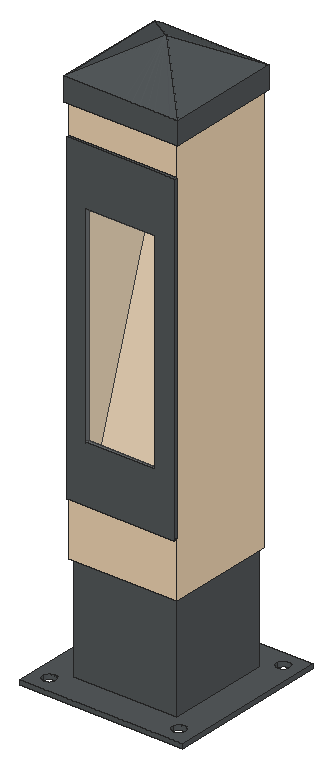
Revit family "Баум", category Осветительные приборы, Revit 2019 (continued)
Types (3, lengths in mm): name | Файл фотометрической сетки | built-in parameter 1150105 | Lumens | built-in parameter 1150106 | built-in parameter 1150142 | Wattage | h_столб низ | h_столб верх | ADSK_Фактическая мощность | ADSK_Размер_Высота | ADSK_Номинальная мощность | ADSK_Наименование | ADSK_Масса_Текст | ADSK_Масса | ADSK_Артикул
    .4 0.4 0.4 0.4\r\n 0.4 0.4 0.4 0.4 0.4 0.4 0.4 0.4 0.4 0.4 0.4 0.4 0.4 0.4 0.4 0.4 0.4 0.4 0.4 0.4 0.4 0.4 0.4 0.4 0.4 0.4 0.4 0.4 0.4 0.4 0.4 0.4\r\n 0.4 0.4 0.4 0.4 0.4 0.4 0.2 0.2 0.2 0.2 0.2 0.2 0.0 0.0 0.0 0.0 0.0 0.0 0.0 0.0 0.0\r\n0.0 0.0 0.0 0.0 0.0 0.0 0.0 0.0 0.4 0.2 0.4 0.4 0.4 0.4 0.4 0.4 0.4 0.4 0.4 0.4 0.4 0.4 0.4 0.4 0.4 0.4 0.4 0.4 0.4 0.4 0.4 0.4\r\n 0.4 0.4 0.4 0.4 0.4 0.4 0.4 0.4 0.4 0.4 0.4 0.4 0.4 0.4 0.4 0.4 0.4 0.4 0.4 0.4 0.4 0.4 0.4 0.4 0.4 0.4 0.4 0.4 0.4 0.4 0.4 0.4\r\n 0.4 0.4 0.4 0.4 0.4 0.4 0.4 0.4 0.4 0.4 0.4 0.4 0.4 0.4 0.4 0.4 0.4 0.4 0.4 0.4 0.4 0.4 0.4 0.4 0.4 0.4 0.4 0.4 0.4 0.4 0.4 0.4\r\n 0.4 0.4 0.4 0.4 0.4 0.4 0.4 0.4 0.4 0.4 0.4 0.4 0.4 0.4 0.4 0.4 0.4 0.4 0.4 0.4 0.4 0.4 0.4 0.4 0.4 0.4 0.4 0.4 0.4 0.4 0.4 0.4\r\n 0.4 0.4 0.4 0.4 0.4 0.4 0.4 0.4 0.4 0.4 0.4 0.4 0.4 0.4 0.4 0.4 0.4 0.4 0.4 0.4 0.4 0.4 0.4 0.4 0.4 0.4 0.4 0.4 0.4 0.4 0.4 0.4\r\n 0.4 0.4 0.4 0.4 0.4 0.4 0.4 0.4 0.2 0.2 0.2 0.2 0.0 0.0 0.0 0.0 0.0 0.0 0.0 0.0 0.0\r\n0.0 0.0 0.0 0.0 0.0 0.0 0.2 0.2 0.4 0.4 0.4 0.4 0.4 0.4 0.4 0.4 0.4 0.4 0.4 0.4 0.4 0.4 0.4 0.4 0.4 0.4 0.4 0.4 0.4 0.4 0.4 0.4\r\n 0.4 0.4 0.4 0.4 0.4 0.4 0.4 0.4 0.4 0.4 0.4 0.4 0.4 0.4 0.4 0.4 0.4 0.4 0.4 0.4 0.4 0.4 0.4 0.4 0.4 0.4 0.4 0.4 0.4 0.4 0.4 0.4\r\n 0.4 0.4 0.4 0.4 0.4 0.4 0.4 0.4 0.4 0.4 0.4 0.4 0.4 0.4 0.4 0.4 0.4 0.4 0.4 0.4 0.4 0.4 0.4 0.4 0.4 0.4 0.4 0.4 0.4 0.4 0.4 0.4\r\n 0.4 0.4 0.4 0.4 0.4 0.4 0.4 0.4 0.4 0.4 0.4 0.4 0.4 0.4 0.4 0.4 0.4 0.4 0.4 0.4 0.4 0.4 0.4 0.4 0.4 0.4 0.4 0.4 0.4 0.4 0.4 0.4\r\n 0.4 0.4 0.4 0.4 0.4 0.4 0.4 0.4 0.4 0.4 0.4 0.4 0.4 0.4 0.4 0.4 0.4 0.4 0.4 0.4 0.4 0.4 0.4 0.4 0.4 0.4 0.4 0.4 0.4 0.4 0.4 0.4\r\n 0.4 0.4 0.4 0.4 0.4 0.4 0.4 0.4 0.2 0.2 0.2 0.2 0.0 0.0 0.0 0.0 0.0 0.0 0.0 0.0 0.0\r\n0.0 0.0 0.0 0.0 0.0 0.0 0.2 0.2 0.4 0.4 0.4 0.4 0.4 0.4 0.4 0.4 0.4 0.4 0.4 0.4 0.4 0.4 0.4 0.4 0.4 0.4 0.4 0.4 0.4 0.4 0.4 0.4\r\n 0.4 0.4 0.4 0.4 0.4 0.4 0.4 0.4 0.4 0.4 0.4 0.4 0.4 0.4 0.4 0.4 0.4 0.4 0.4 0.4 0.4 0.4 0.4 0.4 0.4 0.4 0.4 0.4 0.4 0.4 0.4 0.4\r\n 0.4 0.4 0.4 0.4 0.4 0.4 0.4 0.4 0.4 0.4 0.4 0.4 0.4 0.4 0.4 0.4 0.4 0.4 0.4 0.4 0.4 0.4 0.4 0.4 0.4 0.4 0.4 0.4 0.4 0.4 0.4 0.4\r\n 0.4 0.4 0.4 0.4 0.4 0.4 0.4 0.4 0.4 0.4 0.4 0.4 0.4 0.4 0.4 0.4 0.4 0.4 0.4 0.4 0.4 0.4 0.4 0.4 0.4 0.4 0.4 0.4 0.4 0.4 0.4 0.4\r\n 0.4 0.4 0.4 0.4 0.4 0.4 0.4 0.4 0.4 0.4 0.4 0.4 0.4 0.4 0.4 0.4 0.4 0.4 0.4 0.4 0.4 0.4 0.4 0.4 0.4 0.4 0.4 0.4 0.4 0.4 0.4 0.4\r\n 0.4 0.4 0.4 0.4 0.4 0.4 0.4 0.4 0.2 0.2 0.2 0.2 0.0 0.0 0.0 0.0 0.0 0.0 0.0 0.0 0.0\r\n0.0 0.0 0.0 0.0 0.0 0.0 0.2 0.2 0.4 0.4 0.4 0.4 0.4 0.4 0.4 0.4 0.4 0.4 0.4 0.4 0.4 0.4 0.4 0.4 0.4 0.4 0.4 0.4 0.4 0.4 0.4 0.4\r\n 0.4 0.4 0.4 0.4 0.4 0.4 0.4 0.4 0.4 0.4 0.4 0.4 0.4 0.4 0.4 0.4 0.4 0.4 0.4 0.4 0.4 0.4 0.4 0.4 0.4 0.4 0.4 0.4 0.4 0.4 0.4 0.4\r\n 0.4 0.4 0.4 0.4 0.4 0.4 0.4 0.4 0.4 0.4 0.4 0.4 0.4 0.4 0.4 0.4 0.4 0.4 0.4 0.4 0.4 0.4 0.4 0.4 0.4 0.4 0.4 0.4 0.4 0.4 0.4 0.4\r\n 0.4 0.4 0.4 0.4 0.4 0.4 0.4 0.4 0.4 0.4 0.4 0.4 0.4 0.4 0.4 0.4 0.4 0.4 0.4 0.4 0.4 0.4 0.4 0.4 0.4 0.4 0.4 0.4 0.4 0.4 0.4 0.4\r\n 0.4 0.4 0.4 0.4 0.4 0.4 0.4 0.4 0.4 0.4 0.4 0.4 0.4 0.4 0.4 0.4 0.4 0.4 0.4 0.4 0.4 0.4 0.4 0.4 0.4 0.4 0.4 0.4 0.4 0.4 0.4 0.4\r\n 0.4 0.4 0.4 0.4 0.4 0.4 0.4 0.4 0.2 0.2 0.2 0.2 0.2 0.0 0.0 0.0 0.0 0.0 0.0 0.0 0.0\r\n0.0 0.0 0.0 0.0 0.0 0.2 0.2 0.2 0.4 0.4 0.4 0.4 0.4 0.4 0.4 0.4 0.4 0.4 0.4 0.4 0.4 0.4 0.4 0.4 0.4 0.4 0.4 0.4 0.4 0.4 0.4 0.4\r\n 0.4 0.4 0.4 0.4 0.4 0.4 0.4 0.4 0.4 0.4 0.4 0.4 0.4 0.4 0.4 0.4 0.4 0.4 0.4 0.4 0.4 0.4 0.4 0.4 0.4 0.4 0.4 0.4 0.4 0.4 0.4 0.4\r\n 0.4 0.4 0.4 0.4 0.4 0.4 0.4 0.4 0.4 0.4 0.4 0.4 0.4 0.4 0.4 0.4 0.4 0.4 0.4 0.4 0.4 0.4 0.4 0.4 0.4 0.4 0.4 0.4 0.4 0.4 0.4 0.4\r\n 0.4 0.4 0.4 0.4 0.4 0.4 0.4 0.4 0.4 0.4 0.4 0.4 0.4 0.4 0.4 0.4 0.4 0.4 0.4 0.4 0.4 0.4 0.4 0.4 0.4 0.4 0.4 0.4 0.4 0.4 0.4 0.4\r\n 0.4 0.4 0.4 0.4 0.4 0.4 0.4 0.4 0.4 0.4 0.4 0.4 0.4 0.4 0.4 0.4 0.4 0.4 0.4 0.4 0.4 0.4 0.4 0.4 0.4 0.4 0.4 0.4 0.4 0.4 0.4 0.4\r\n 0.4 0.4 0.4 0.4 0.4 0.4 0.4 0.4 0.2 0.2 0.2 0.2 0.2 0.0 0.0 0.0 0.0 0.0 0.0 0.0 0.0\r\n0.0 0.0 0.0 0.0 0.0 0.2 0.2 0.2 0.4 0.4 0.4 0.4 0.4 0.4 0.4 0.4 0.4 0.4 0.4 0.4 0.4 0.4 0.4 0.4 0.4 0.4 0.4 0.4 0.4 0.4 0.4 0.4\r\n 0.4 0.4 0.4 0.4 0.4 0.4 0.4 0.4 0.4 0.4 0.4 0.4 0.4 0.4 0.4 0.4 0.4 0.4 0.4 0.4 0.4 0.4 0.4 0.4 0.4 0.4 0.4 0.4 0.4 0.4 0.4 0.4\r\n 0.4 0.4 0.4 0.4 0.4 0.4 0.4 0.4 0.4 0.4 0.4 0.4 0.4 0.4 0.4 0.4 0.4 0.4 0.4 0.4 0.4 0.4 0.4 0.4 0.4 0.4 0.4 0.4 0.4 0.4 0.4 0.4\r\n 0.4 0.4 0.4 0.4 0.4 0.4 0.4 0.4 0.4 0.4 0.4 0.4 0.4 0.4 0.4 0.4 0.4 0.4 0.4 0.4 0.4 0.4 0.4 0.4 0.4 0.4 0.4 0.4 0.4 0.4 0.4 0.4\r\n 0.4 0.4 0.4 0.4 0.4 0.4 0.4 0.4 0.4 0.4 0.4 0.4 0.4 0.4 0.4 0.4 0.4 0.4 0.4 0.4 0.4 0.4 0.4 0.4 0.4 0.4 0.4 0.4 0.4 0.4 0.4 0.4\r\n 0.4 0.4 0.4 0.4 0.4 0.4 0.4 0.4 0.2 0.2 0.2 0.2 0.2 0.0 0.0 0.0 0.0 0.0 0.0 0.0 0.0\r\n0.0 0.0 0.0 0.0 0.0 0.2 0.2 0.2 0.4 0.4 0.4 0.4 0.4 0.4 0.4 0.4 0.4 0.4 0.4 0.4 0.4 0.4 0.4 0.4 0.4 0.4 0.4 0.4 0.4 0.4 0.4 0.4\r\n 0.4 0.4 0.4 0.4 0.4 0.4 0.4 0.4 0.4 0.4 0.4 0.4 0.4 0.4 0.4 0.4 0.4 0.4 0.4 0.4 0.4 0.4 0.4 0.4 0.4 0.4 0.4 0.4 0.4 0.4 0.4 0.4\r\n 0.4 0.4 0.4 0.4 0.4 0.4 0.4 0.4 0.4 0.4 0.4 0.4 0.4 0.4 0.4 0.4 0.4 0.4 0.4 0.4 0.4 0.4 0.4 0.4 0.4 0.4 0.4 0.4 0.4 0.4 0.4 0.4\r\n 0.4 0.4 0.4 0.4 0.4 0.4 0.4 0.4 0.4 0.4 0.4 0.4 0.4 0.4 0.4 0.4 0.4 0.4 0.4 0.4 0.4 0.4 0.4 0.4 0.4 0.4 0.4 0.4 0.4 0.4 0.4 0.4\r\n 0.4 0.4 0.4 0.4 0.4 0.4 0.4 0.4 0.4 0.4 0.4 0.4 0.4 0.4 0.4 0.4 0.4 0.4 0.4 0.4 0.4 0.4 0.4 0.4 0.4 0.4 0.4 0.4 0.4 0.4 0.4 0.4\r\n 0.4 0.4 0.4 0.4 0.4 0.4 0.4 0.4 0.2 0.2 0.2 0.2 0.2 0.2 0.0 0.0 0.0 0.0 0.0 0.0 0.0\r\n0.0 0.0 0.0 0.0 0.2 0.2 0.2 0.2 0.4 0.4 0.4 0.4 0.4 0.4 0.4 0.4 0.4 0.4 0.4 0.4 0.4 0.4 0.4 0.4 0.4 0.4 0.4 0.4 0.4 0.4 0.4 0.4\r\n 0.4 0.4 0.4 0.4 0.4 0.4 0.4 0.4 0.4 0.4 0.4 0.4 0.4 0.4 0.4 0.4 0.4 0.4 0.4 0.4 0.4 0.4 0.4 0.4 0.4 0.4 0.4 0.4 0.4 0.4 0.4 0.4\r\n 0.4 0.4 0.4 0.4 0.4 0.4 0.4 0.4 0.4 0.4 0.4 0.4 0.4 0.4 0.4 0.4 0.4 0.4 0.4 0.4 0.4 0.4 0.4 0.4 0.4 0.4 0.4 0.4 0.4 0.4 0.4 0.4\r\n 0.4 0.4 0.4 0.4 0.4 0.4 0.4 0.4 0.4 0.4 0.4 0.4 0.4 0.4 0.4 0.4 0.4 0.4 0.4 0.4 0.4 0.4 0.4 0.4 0.4 0.4 0.4 0.4 0.4 0.4 0.4 0.4\r\n 0.4 0.4 0.4 0.4 0.4 0.4 0.4 0.4 0.4 0.4 0.4 0.4 0.4 0.4 0.4 0.4 0.4 0.4 0.4 0.4 0.4 0.4 0.4 0.4 0.4 0.4 0.4 0.4 0.4 0.4 0.4 0.4\r\n 0.4 0.4 0.4 0.4 0.4 0.4 0.4 0.4 0.2 0.2 0.2 0.2 0.2 0.2 0.0 0.0 0.0 0.0 0.0 0.0 0.0\r\n0.0 0.0 0.0 0.0 0.2 0.2 0.2 0.2 0.4 0.4 0.4 0.4 0.4 0.4 0.4 0.4 0.4 0.4 0.4 0.4 0.4 0.4 0.4 0.4 0.4 0.4 0.4 0.4 0.4 0.4 0.4 0.4\r\n 0.4 0.4 0.4 0.4 0.4 0.4 0.4 0.4 0.4 0.4 0.4 0.4 0.4 0.4 0.4 0.4 0.4 0.4 0.4 0.4 0.4 0.4 0.4 0.4 0.4 0.4 0.4 0.4 0.4 0.4 0.4 0.4\r\n 0.4 0.4 0.4 0.4 0.4 0.4 0.4 0.4 0.4 0.4 0.4 0.4 0.4 0.4 0.4 0.4 0.4 0.4 0.4 0.4 0.4 0.4 0.4 0.4 0.4 0.4 0.4 0.4 0.4 0.4 0.4 0.4\r\n 0.4 0.4 0.4 0.4 0.4 0.4 0.4 0.4 0.4 0.4 0.4 0.4 0.4 0.4 0.4 0.4 0.4 0.4 0.4 0.4 0.4 0.4 0.4 0.4 0.4 0.4 0.4 0.4 0.4 0.4 0.4 0.4\r\n 0.4 0.4 0.4 0.4 0.4 0.4 0.4 0.4 0.4 0.4 0.4 0.4 0.4 0.4 0.4 0.4 0.4 0.4 0.4 0.4 0.4 0.4 0.4 0.4 0.4 0.4 0.4 0.4 0.4 0.4 0.4 0.4\r\n 0.4 0.4 0.4 0.4 0.4 0.4 0.4 0.4 0.4 0.4 0.2 0.2 0.2 0.2 0.0 0.0 0.0 0.0 0.0 0.0 0.0\r\n0.0 0.0 0.0 0.0 0.2 0.2 0.2 0.2 0.4 0.4 0.4 0.4 0.4 0.4 0.4 0.4 0.4 0.4 0.4 0.4 0.4 0.4 0.4 0.4 0.4 0.4 0.4 0.4 0.4 0.4 0.4 0.4\r\n 0.4 0.4 0.4 0.4 0.4 0.4 0.4 0.4 0.4 0.4 0.4 0.4 0.4 0.4 0.4 0.4 0.4 0.4 0.4 0.4 0.4 0.4 0.4 0.4 0.4 0.4 0.4 0.4 0.4 0.4 0.4 0.4\r\n 0.4 0.4 0.4 0.4 0.4 0.4 0.4 0.4 0.4 0.4 0.4 0.4 0.4 0.4 0.4 0.4 0.4 0.4 0.4 0.4 0.4 0.4 0.4 0.4 0.4 0.4 0.4 0.4 0.4 0.4 0.4 0.4\r\n 0.4 0.4 0.4 0.4 0.4 0.4 0.4 0.4 0.4 0.4 0.4 0.4 0.4 0.4 0.4 0.4 0.4 0.4 0.4 0.4 0.4 0.4 0.4 0.4 0.4 0.4 0.4 0.4 0.4 0.4 0.4 0.4\r\n 0.4 0.4 0.4 0.4 0.4 0.4 0.4 0.4 0.4 0.4 0.4 0.4 0.4 0.4 0.4 0.4 0.4 0.4 0.4 0.4 0.4 0.4 0.4 0.4 0.4 0.4 0.4 0.4 0.4 0.4 0.4 0.4\r\n 0.4 0.4 0.4 0.4 0.4 0.4 0.4 0.4 0.4 0.4 0.2 0.2 0.2 0.2 0.0 0.0 0.0 0.0 0.0 0.0 0.0\r\n0.0 0.0 0.0 0.2 0.2 0.2 0.2 0.2 0.4 0.4 0.4 0.4 0.4 0.4 0.4 0.4 0.4 0.4 0.4 0.4 0.4 0.4 0.4 0.4 0.4 0.4 0.4 0.4 0.4 0.4 0.4 0.4\r\n 0.4 0.4 0.4 0.4 0.4 0.4 0.4 0.4 0.4 0.4 0.4 0.4 0.4 0.4 0.4 0.4 0.4 0.4 0.4 0.4 0.4 0.4 0.4 0.4 0.4 0.4 0.4 0.4 0.4 0.4 0.4 0.4\r\n 0.4 0.4 0.4 0.4 0.4 0.4 0.4 0.4 0.4 0.4 0.4 0.4 0.4 0.4 0.4 0.4 0.4 0.4 0.4 0.4 0.4 0.4 0.4 0.4 0.4 0.4 0.4 0.4 0.4 0.4 0.4 0.4\r\n 0.4 0.4 0.4 0.4 0.4 0.4 0.4 0.4 0.4 0.4 0.4 0.4 0.4 0.4 0.4 0.4 0.4 0.4 0.4 0.4 0.4 0.4 0.4 0.4 0.4 0.4 0.4 0.4 0.4 0.4 0.4 0.4\r\n 0.4 0.4 0.4 0.4 0.4 0.4 0.4 0.4 0.4 0.4 0.4 0.4 0.4 0.4 0.4 0.4 0.4 0.4 0.4 0.4 0.4 0.4 0.4 0.4 0.4 0.4 0.4 0.4 0.4 0.4 0.4 0.4\r\n 0.4 0.4 0.4 0.4 0.4 0.4 0.4 0.4 0.4 0.4 0.2 0.2 0.2 0.2 0.0 0.0 0.0 0.0 0.0 0.0 0.0\r\n0.0 0.0 0.0 0.2 0.2 0.2 0.2 0.2 0.4 0.4 0.4 0.4 0.4 0.4 0.4 0.4 0.4 0.4 0.4 0.4 0.4 0.4 0.4 0.4 0.4 0.4 0.4 0.4 0.4 0.4 0.4 0.4\r\n 0.4 0.4 0.4 0.4 0.4 0.4 0.4 0.4 0.4 0.4 0.4 0.4 0.4 0.4 0.4 0.4 0.4 0.4 0.4 0.4 0.4 0.4 0.4 0.4 0.4 0.4 0.4 0.4 0.4 0.4 0.4 0.4\r\n 0.4 0.4 0.4 0.4 0.4 0.4 0.4 0.4 0.4 0.4 0.4 0.4 0.4 0.4 0.4 0.4 0.4 0.4 0.4 0.4 0.4 0.4 0.4 0.4 0.4 0.4 0.4 0.4 0.4 0.4 0.4 0.4\r\n 0.4 0.4 0.4 0.4 0.4 0.4 0.4 0.4 0.4 0.4 0.4 0.4 0.4 0.4 0.4 0.4 0.4 0.4 0.4 0.4 0.4 0.4 0.4 0.4 0.4 0.4 0.4 0.4 0.4 0.4 0.4 0.4\r\n 0.4 0.4 0.4 0.4 0.4 0.4 0.4 0.4 0.4 0.4 0.4 0.4 0.4 0.4 0.4 0.4 0.4 0.4 0.4 0.4 0.4 0.4 0.4 0.4 0.4 0.4 0.4 0.4 0.4 0.4 0.4 0.4\r\n 0.4 0.4 0.4 0.4 0.4 0.4 0.4 0.4 0.4 0.4 0.2 0.2 0.2 0.2 0.0 0.0 0.0 0.0 0.0 0.0 0.0\r\n0.0 0.0 0.0 0.2 0.2 0.2 0.2 0.2 0.4 0.4 0.4 0.4 0.4 0.4 0.4 0.4 0.4 0.4 0.4 0.4 0.4 0.4 0.4 0.4 0.4 0.4 0.4 0.4 0.4 0.4 0.4 0.4\r\n 0.4 0.4 0.4 0.4 0.4 0.4 0.4 0.4 0.4 0.4 0.4 0.4 0.4 0.4 0.4 0.4 0.4 0.4 0.4 0.4 0.4 0.4 0.4 0.4 0.4 0.4 0.4 0.4 0.4 0.4 0.4 0.4\r\n 0.4 0.4 0.4 0.4 0.4 0.4 0.4 0.4 0.4 0.4 0.4 0.4 0.4 0.4 0.4 0.4 0.4 0.4 0.4 0.4 0.4 0.4 0.4 0.4 0.4 0.4 0.4 0.4 0.4 0.4 0.4 0.4\r\n 0.4 0.4 0.4 0.4 0.4 0.4 0.4 0.4 0.4 0.4 0.4 0.4 0.4 0.4 0.4 0.4 0.4 0.4 0.4 0.4 0.4 0.4 0.4 0.4 0.4 0.4 0.4 0.4 0.4 0.4 0.4 0.4\r\n 0.4 0.4 0.4 0.4 0.4 0.4 0.4 0.4 0.4 0.4 0.4 0.4 0.4 0.4 0.4 0.4 0.4 0.4 0.4 0.4 0.4 0.4 0.4 0.4 0.4 0.4 0.4 0.4 0.4 0.4 0.4 0.4\r\n 0.4 0.4 0.4 0.4 0.4 0.4 0.4 0.4 0.4 0.4 0.2 0.2 0.2 0.2 0.0 0.0 0.0 0.0 0.0 0.0 0.0\r\n0.0 0.0 0.0 0.2 0.2 0.2 0.2 0.2 0.4 0.4 0.4 0.4 0.4 0.4 0.4 0.4 0.4 0.4 0.4 0.4 0.4 0.4 0.4 0.4 0.6 0.6 0.4 0.4 0.4 0.4 0.4 0.4\r\n 0.4 0.4 0.4 0.4 0.4 0.4 0.4 0.4 0.4 0.4 0.4 0.4 0.4 0.4 0.4 0.4 0.4 0.4 0.4 0.4 0.4 0.4 0.4 0.4 0.4 0.4 0.4 0.4 0.4 0.4 0.4 0.4\r\n 0.4 0.4 0.4 0.4 0.4 0.4 0.4 0.4 0.4 0.4 0.4 0.4 0.4 0.4 0.4 0.4 0.4 0.4 0.4 0.4 0.4 0.4 0.4 0.4 0.4 0.4 0.4 0.4 0.4 0.4 0.4 0.4\r\n 0.4 0.4 0.4 0.4 0.4 0.4 0.4 0.4 0.4 0.4 0.4 0.4 0.4 0.4 0.4 0.4 0.4 0.4 0.4 0.4 0.4 0.4 0.4 0.4 0.4 0.4 0.4 0.4 0.4 0.4 0.4 0.4\r\n 0.4 0.4 0.4 0.4 0.4 0.4 0.4 0.4 0.4 0.4 0.4 0.4 0.4 0.4 0.4 0.4 0.4 0.4 0.4 0.4 0.4 0.4 0.4 0.4 0.4 0.4 0.4 0.4 0.4 0.4 0.4 0.4\r\n 0.4 0.4 0.4 0.4 0.4 0.4 0.4 0.4 0.4 0.4 0.4 0.2 0.2 0.2 0.0 0.0 0.0 0.0 0.0 0.0 0.0\r\n0.0 0.0 0.0 0.2 0.2 0.2 0.2 0.2 0.4 0.4 0.4 0.4 0.4 0.4 0.4 0.4 0.4 0.4 0.4 0.4 0.4 0.4 0.4 0.4 0.6 0.6 0.4 0.4 0.4 0.4 0.4 0.4\r\n 0.4 0.4 0.4 0.4 0.4 0.4 0.4 0.4 0.4 0.4 0.4 0.4 0.4 0.4 0.4 0.4 0.4 0.4 0.4 0.4 0.4 0.4 0.4 0.4 0.4 0.4 0.4 0.4 0.4 0.4 0.4 0.4\r\n 0.4 0.4 0.4 0.4 0.4 0.4 0.4 0.4 0.4 0.4 0.4 0.4 0.4 0.4 0.4 0.4 0.4 0.4 0.4 0.4 0.4 0.4 0.4 0.4 0.4 0.4 0.4 0.4 0.4 0.4 0.4 0.4\r\n 0.4 0.4 0.4 0.4 0.4 0.4 0.4 0.4 0.4 0.4 0.4 0.4 0.4 0.4 0.4 0.4 0.4 0.4 0.4 0.4 0.4 0.4 0.4 0.4 0.4 0.4 0.4 0.4 0.4 0.4 0.4 0.4\r\n 0.4 0.4 0.4 0.4 0.4 0.4 0.4 0.4 0.4 0.4 0.4 0.4 0.4 0.4 0.4 0.4 0.4 0.4 0.4 0.4 0.4 0.4 0.4 0.4 0.4 0.4 0.4 0.4 0.4 0.4 0.4 0.4\r\n 0.4 0.4 0.4 0.4 0.4 0.4 0.4 0.4 0.4 0.4 0.4 0.2 0.2 0.2 0.0 0.0 0.0 0.0 0.0 0.0 0.0\r\n0.0 0.0 0.0 0.2 0.2 0.2 0.2 0.2 0.4 0.4 0.4 0.4 0.4 0.4 0.4 0.4 0.4 0.4 0.4 0.4 0.4 0.4 0.4 0.4 0.4 0.4 0.4 0.4 0.4 0.4 0.4 0.4\r\n 0.4 0.4 0.4 0.4 0.4 0.4 0.4 0.4 0.4 0.4 0.4 0.4 0.4 0.4 0.4 0.4 0.4 0.4 0.4 0.4 0.4 0.4 0.4 0.4 0.4 0.4 0.4 0.4 0.4 0.4 0.4 0.4\r\n 0.4 0.4 0.4 0.4 0.4 0.4 0.4 0.4 0.4 0.4 0.4 0.4 0.4 0.4 0.4 0.4 0.4 0.4 0.4 0.4 0.4 0.4 0.4 0.4 0.4 0.4 0.4 0.4 0.4 0.4 0.4 0.4\r\n 0.4 0.4 0.4 0.4 0.4 0.4 0.4 0.4 0.4 0.4 0.4 0.4 0.4 0.4 0.4 0.4 0.4 0.4 0.4 0.4 0.4 0.4 0.4 0.4 0.4 0.4 0.4 0.4 0.4 0.4 0.4 0.4\r\n 0.4 0.4 0.4 0.4 0.4 0.4 0.4 0.4 0.4 0.4 0.4 0.4 0.4 0.4 0.4 0.4 0.4 0.4 0.4 0.4 0.4 0.4 0.4 0.4 0.4 0.4 0.4 0.4 0.4 0.4 0.4 0.4\r\n 0.4 0.4 0.4 0.4 0.4 0.4 0.4 0.4 0.4 0.4 0.4 0.2 0.2 0.2 0.0 0.0 0.0 0.0 0.0 0.0 0.0\r\n0.0 0.0 0.0 0.2 0.2 0.2 0.2 0.2 0.4 0.4 0.4 0.4 0.4 0.4 0.4 0.4 0.4 0.4 0.4 0.4 0.4 0.4 0.4 0.4 0.4 0.4 0.4 0.4 0.4 0.4 0.4 0.4\r\n 0.4 0.4 0.4 0.4 0.4 0.4 0.4 0.4 0.4 0.4 0.4 0.4 0.4 0.4 0.4 0.4 0.4 0.4 0.4 0.4 0.4 0.4 0.4 0.4 0.4 0.4 0.4 0.4 0.4 0.4 0.4 0.4\r\n 0.4 0.4 0.4 0.4 0.4 0.4 0.4 0.4 0.4 0.4 0.6 0.6 0.4 0.4 0.4 0.4 0.4 0.4 0.4 0.4 0.4 0.4 0.4 0.4 0.4 0.4 0.4 0.4 0.4 0.4 0.4 0.4\r\n 0.4 0.4 0.4 0.4 0.4 0.4 0.4 0.4 0.4 0.4 0.4 0.4 0.4 0.4 0.4 0.4 0.4 0.4 0.4 0.4 0.4 0.4 0.4 0.4 0.4 0.4 0.4 0.4 0.4 0.4 0.4 0.4\r\n 0.4 0.4 0.4 0.4 0.4 0.4 0.4 0.4 0.4 0.4 0.4 0.4 0.4 0.4 0.4 0.4 0.4 0.4 0.4 0.4 0.4 0.4 0.4 0.4 0.4 0.4 0.4 0.4 0.4 0.4 0.4 0.4\r\n 0.4 0.4 0.4 0.4 0.4 0.4 0.4 0.4 0.4 0.4 0.4 0.2 0.2 0.2 0.0 0.0 0.0 0.0 0.0 0.0 0.0\r\n0.0 0.0 0.0 0.2 0.2 0.2 0.2 0.2 0.4 0.4 0.4 0.4 0.4 0.4 0.4 0.4 0.4 0.4 0.4 0.4 0.4 0.4 0.4 0.4 0.4 0.4 0.4 0.4 0.4 0.4 0.4 0.4\r\n 0.4 0.4 0.4 0.4 0.4 0.4 0.4 0.4 0.4 0.4 0.4 0.4 0.4 0.4 0.4 0.4 0.4 0.4 0.4 0.4 0.4 0.4 0.4 0.4 0.4 0.4 0.4 0.4 0.4 0.4 0.4 0.4\r\n 0.4 0.4 0.4 0.4 0.4 0.4 0.4 0.4 0.4 0.4 0.4 0.4 0.4 0.4 0.4 0.4 0.4 0.4 0.4 0.4 0.4 0.4 0.4 0.4 0.4 0.4 0.4 0.4 0.4 0.4 0.4 0.4\r\n 0.4 0.4 0.4 0.4 0.4 0.4 0.4 0.4 0.4 0.4 0.4 0.4 0.4 0.4 0.4 0.4 0.4 0.4 0.4 0.4 0.4 0.4 0.4 0.4 0.4 0.4 0.4 0.4 0.4 0.4 0.4 0.4\r\n 0.4 0.4 0.4 0.4 0.4 0.4 0.4 0.4 0.4 0.4 0.4 0.4 0.4 0.4 0.4 0.4 0.4 0.4 0.4 0.4 0.4 0.4 0.4 0.4 0.4 0.4 0.4 0.4 0.4 0.4 0.4 0.4\r\n 0.4 0.4 0.4 0.4 0.4 0.4 0.4 0.4 0.4 0.4 0.4 0.2 0.2 0.2 0.0 0.0 0.0 0.0 0.0 0.0 0.0\r\n0.0 0.0 0.2 0.2 0.2 0.2 0.2 0.2 0.4 0.4 0.4 0.4 0.4 0.4 0.4 0.4 0.4 0.4 0.4 0.4 0.4 0.4 0.4 0.4 0.4 0.4 0.4 0.4 0.4 0.4 0.4 0.4\r\n 0.4 0.4 0.4 0.4 0.4 0.4 0.4 0.4 0.4 0.4 0.4 0.4 0.4 0.4 0.4 0.4 0.4 0.4 0.4 0.4 0.4 0.4 0.4 0.4 0.4 0.4 0.4 0.4 0.4 0.4 0.4 0.4\r\n 0.4 0.4 0.4 0.4 0.4 0.4 0.4 0.4 0.4 0.4 0.4 0.4 0.4 0.4 0.4 0.4 0.4 0.4 0.4 0.4 0.4 0.4 0.4 0.4 0.4 0.4 0.4 0.4 0.4 0.4 0.4 0.4\r\n 0.4 0.4 0.4 0.4 0.4 0.4 0.4 0.4 0.4 0.4 0.4 0.4 0.4 0.4 0.4 0.4 0.4 0.4 0.4 0.4 0.4 0.4 0.4 0.4 0.4 0.4 0.4 0.4 0.4 0.4 0.4 0.4\r\n 0.4 0.4 0.4 0.4 0.4 0.4 0.4 0.4 0.4 0.4 0.4 0.4 0.4 0.4 0.4 0.4 0.4 0.4 0.4 0.4 0.4 0.4 0.4 0.4 0.4 0.4 0.4 0.4 0.4 0.4 0.4 0.4\r\n 0.4 0.4 0.4 0.4 0.4 0.4 0.4 0.4 0.4 0.4 0.4 0.2 0.2 0.2 0.0 0.0 0.0 0.0 0.0 0.0 0.0\r\n0.0 0.0 0.2 0.2 0.2 0.2 0.2 0.2 0.4 0.4 0.4 0.4 0.4 0.4 0.4 0.4 0.4 0.4 0.4 0.4 0.4 0.4 0.4 0.4 0.4 0.4 0.4 0.4 0.4 0.4 0.4 0.4\r\n 0.4 0.4 0.4 0.4 0.4 0.4 0.4 0.4 0.4 0.4 0.4 0.4 0.4 0.4 0.4 0.4 0.4 0.4 0.4 0.4 0.4 0.4 0.4 0.4 0.4 0.4 0.4 0.4 0.4 0.4 0.4 0.4\r\n 0.4 0.4 0.4 0.4 0.4 0.4 0.4 0.4 0.4 0.4 0.4 0.4 0.4 0.4 0.4 0.4 0.4 0.4 0.4 0.4 0.4 0.4 0.4 0.4 0.4 0.4 0.4 0.4 0.4 0.4 0.4 0.4\r\n 0.4 0.4 0.4 0.4 0.4 0.4 0.4 0.4 0.4 0.4 0.4 0.4 0.4 0.4 0.4 0.4 0.4 0.4 0.4 0.4 0.4 0.4 0.4 0.4 0.4 0.4 0.4 0.4 0.4 0.4 0.4 0.4\r\n 0.4 0.4 0.4 0.4 0.4 0.4 0.4 0.4 0.4 0.4 0.4 0.4 0.4 0.4 0.4 0.4 0.4 0.4 0.4 0.4 0.4 0.4 0.4 0.4 0.4 0.4 0.4 0.4 0.4 0.4 0.4 0.4\r\n 0.4 0.4 0.4 0.4 0.4 0.4 0.4 0.4 0.4 0.4 0.4 0.2 0.2 0.2 0.0 0.0 0.0 0.0 0.0 0.0 0.0\r\n0.0 0.0 0.2 0.2 0.2 0.2 0.2 0.2 0.4 0.4 0.4 0.4 0.4 0.4 0.4 0.4 0.4 0.4 0.4 0.4 0.4 0.4 0.4 0.4 0.4 0.4 0.4 0.4 0.4 0.4 0.4 0.4\r\n 0.4 0.4 0.4 0.4 0.4 0.4 0.4 0.4 0.4 0.4 0.4 0.4 0.4 0.4 0.4 0.4 0.4 0.4 0.4 0.4 0.4 0.4 0.4 0.4 0.4 0.4 0.4 0.4 0.4 0.4 0.4 0.4\r\n 0.4 0.4 0.4 0.4 0.4 0.4 0.4 0.4 0.4 0.4 0.4 0.4 0.4 0.4 0.4 0.4 0.4 0.4 0.4 0.4 0.4 0.4 0.4 0.4 0.4 0.4 0.4 0.4 0.6 0.4 0.4 0.4\r\n 0.4 0.4 0.4 0.4 0.4 0.6 0.4 0.4 0.4 0.4 0.4 0.4 0.4 0.4 0.4 0.4 0.4 0.4 0.4 0.4 0.4 0.4 0.4 0.4 0.4 0.4 0.4 0.4 0.4 0.4 0.4 0.4\r\n 0.4 0.4 0.4 0.4 0.4 0.4 0.4 0.4 0.4 0.4 0.4 0.4 0.4 0.4 0.4 0.4 0.4 0.4 0.4 0.4 0.4 0.4 0.4 0.4 0.4 0.4 0.4 0.4 0.4 0.4 0.4 0.4\r\n 0.4 0.4 0.4 0.4 0.4 0.4 0.4 0.4 0.4 0.4 0.4 0.2 0.2 0.2 0.0 0.0 0.0 0.0 0.0 0.0 0.0\r\n0.0 0.0 0.2 0.2 0.2 0.2 0.2 0.2 0.4 0.4 0.4 0.4 0.4 0.4 0.4 0.4 0.4 0.4 0.4 0.4 0.4 0.4 0.4 0.4 0.4 0.4 0.4 0.4 0.4 0.4 0.4 0.4\r\n 0.4 0.4 0.4 0.4 0.4 0.4 0.4 0.4 0.6 0.6 0.4 0.4 0.4 0.4 0.4 0.4 0.4 0.4 0.4 0.4 0.4 0.4 0.4 0.4 0.4 0.4 0.4 0.4 0.4 0.4 0.4 0.4\r\n 0.4 0.4 0.4 0.4 0.4 0.4 0.4 0.4 0.4 0.4 0.4 0.4 0.4 0.4 0.4 0.4 0.4 0.4 0
